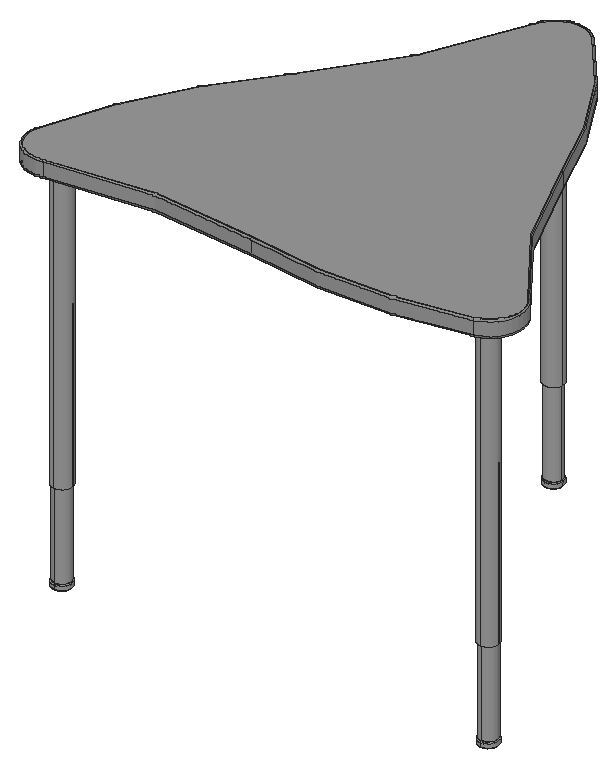
Revit family "Creator Triangle Desk", category Generic Models, Revit 2018
Family settings
  Can host rebar = No
  Round Connector Dimension = Use Diameter
  Part Type = Normal
  Work Plane-Based = No
  Always vertical = Yes
  Cut with Voids When Loaded = No
  Shared = No
  Room Calculation Point = No
Parameters
  Surface = Creator Triangle Desk Surface
  Leg Finish = Shapes Leg Platinum
  Edgeband = Creator Triangle Desk Edgeband
  Desk Height = 2' - 5"
  Caster / Glide = Shapes Leg - Glide : Shapes Leg - Glide
Reference planes (in)
  plane 1 "Center (Front/Back)": y = 0
  plane 2: z = 0
  plane 3 "Center (Left/Right)": x = 0
  plane 4: z = 29
Dimensions and locks (in)
  "Desk Height": plane 4 to level
  aligned and locked: plane 2 to level
  aligned and locked: nested 4 to plane 4
Nested families (in)
  nested 1: "Shapes Leg - Glide" at (-16.07651, -13.76106, 0) x (0, 1, 0) z (0, 0, 1), Shapes Leg Finish <- "Leg Finish", Leg Height <- "Desk Height", type <- "Caster / Glide", type "Shapes Leg - Glide"
    with Shapes Leg Finish Shapes Leg Platinum, Leg Height 2' - 5"
  nested 2: "Shapes Leg - Glide" at (15.66661, -12.84393, 0) x (0, 1, 0) z (0, 0, 1), Shapes Leg Finish <- "Leg Finish", Leg Height <- "Desk Height", type <- "Caster / Glide", type "Shapes Leg - Glide"
    with Shapes Leg Finish Shapes Leg Platinum, Leg Height 2' - 5"
  nested 3: "Shapes Leg - Glide" at (-1, 14.17161, 0), Shapes Leg Finish <- "Leg Finish", Leg Height <- "Desk Height", type "Shapes Leg - Glide"
    with Shapes Leg Finish Shapes Leg Platinum, Leg Height 2' - 5"
  nested 4: "Creator Triangle Desk Tabletop" at (0.04688, -4.75192, 15.97788), type "Creator Triangle Desk Tabletop"
Definition of nested family "Shapes Leg - Glide"
  Parameters (values of type "Shapes Leg - Glide")
    Shapes Leg Finish [instance] = none
    Leg Height [instance] = 2' - 4 1/2"
  Reference planes (in)
    plane 1 "Center (Front/Back)": y = 0
    plane 2: z = 0
    plane 3 "Center (Left/Right)": x = 0
  Forms (in)
    Extrusion 1, solid
      sketch origin (-0.01562, 0, 0) x (1, 0, 0) y (0, 1, 0)
        loop
          circle (0.01563, 0) r 0.64906
      from 0.50586 to 20.17439
  Dimensions and locks (in)
    "Leg Height": nested 2 to level
    aligned and locked: plane 2 to level
  Automatic sketch dimensions
    plane 1 "Center (Front/Back)" to Extrusion 1 sketch curve = 0' - 0"
    Extrusion 1 sketch curve to plane 3 "Center (Left/Right)" = 0' - 0"
    radius of Extrusion 1 sketch curve = 0' - 0.64906"
  Nested families (in)
    nested 1: "Glider" at (0, 0, 0), type "Glider"
    nested 2: "Shapes Upper Leg" at (0, 0, 0), Shapes Leg Finish <- "Shapes Leg Finish", type "Shapes Upper Leg"
      with Shapes Leg Finish none
  Definition of nested family "Glider"
    Reference planes (in)
      plane 1 "Center (Front/Back)": y = 0
      plane 2: z = 0
      plane 3 "Center (Left/Right)": x = 0
    Forms (in)
      Revolve 1, solid
        sketch origin (0, 0, 0) x (1, 0, 0) y (0, 0, 1)
          loop
            line (0.26614, 0.50586) -> (0, 0.50586) -> (0, 0.09994) -> (0.71656, 0.09994) -> (0.71656, 0.37634)
            arc (0.71656, 0.37634) -> (0.70181, 0.41548) -> (0.66511, 0.43552) r 0.06011
            arc (0.66511, 0.43552) -> (0.46609, 0.45951) -> (0.26614, 0.47365) r 4.06535
            line (0.26614, 0.47365) -> (0.26614, 0.50586)
          axis (0, 0.50586) -> (0, 0.09994)
        angle from 0 to 360
      Revolve 2, solid
        sketch origin (0, 0, 0) x (1, 0, 0) y (0, 0, 1)
          loop
            line (0.65534, 0.1212) -> (0, 0.1212) -> (0, 0) -> (0.57593, 0)
            arc (0.57593, 0) -> (0.63208, 0.02326) -> (0.65534, 0.07941) r 0.07941
            line (0.65534, 0.07941) -> (0.65534, 0.1212)
          axis (0, 0.1212) -> (0, 0)
        angle from 0 to 360
    Dimensions and locks (in)
      aligned and locked: plane 2 to level
  Definition of nested family "Shapes Upper Leg"
    Parameters (values of type "Shapes Upper Leg")
      Shapes Leg Finish [instance] = none
    Reference planes (in)
      plane 1 "Center (Front/Back)": y = 0
      plane 2: z = 0
      plane 3 "Center (Left/Right)": x = 0
    Forms (in)
      Extrusion 1, solid, material <- "Shapes Leg Finish"
        sketch origin (0, 0, 0) x (1, 0, 0) y (0, 1, 0)
          loop
            circle (0, 0) r 0.75
        from 6.5 to 28.5
    Dimensions and locks (in)
      aligned and locked: plane 2 to level
Definition of nested family "Creator Triangle Desk Tabletop"
  Parameters (values of type "Creator Triangle Desk Tabletop")
    Surface = none
    Edgeband = none
  Reference planes (in)
    plane 1 "Center (Front/Back)": y = 0
    plane 2: z = 0
    plane 3 "Center (Left/Right)": x = 0
  Forms (in)
    Extrusion 1, solid, material <- "Surface"
      sketch origin (0, 0, 0) x (1, 0, 0) y (0, 1, 0)
        loop
          arc (0.49793, 20.64445) -> (-1.62997, 21.25192) -> (-3.23948, 19.73323) r 2.23764
          arc (-3.23948, 19.73323) -> (-6.27486, 12.50268) -> (-10.68964, 6.02163) r 39.17158
          arc (-10.68964, 6.02163) -> (-15.30181, -0.83979) -> (-18.36031, -8.52072) r 38.91212
          arc (-18.36031, -8.52072) -> (-17.82317, -10.66793) -> (-15.70247, -11.30166) r 2.23648
          arc (-15.70247, -11.30166) -> (-7.92295, -10.31182) -> (-0.10265, -10.89815) r 39.0058
          arc (-0.10265, -10.89815) -> (8.14576, -11.46539) -> (16.3268, -10.27009) r 38.75551
          arc (16.3268, -10.27009) -> (17.91698, -8.73073) -> (17.40639, -6.57722) r 2.23801
          arc (17.40639, -6.57722) -> (12.66225, -0.33343) -> (9.25675, 6.73016) r 39.1738
          arc (9.25675, 6.73016) -> (5.62049, 14.15511) -> (0.49793, 20.64445) r 38.91895
      from 13.02212 to 14.27206
    Sweep 2, solid, material <- "Edgeband"
      path origin (0, 0, 0) x (1, 0, 0) y (0, 1, 0)
        loop
          arc (0.49793, 20.64445) -> (-1.62997, 21.25192) -> (-3.23948, 19.73323) r 2.23764
          arc (-3.23948, 19.73323) -> (-6.27486, 12.50268) -> (-10.68964, 6.02163) r 39.17158
          arc (-10.68964, 6.02163) -> (-15.30181, -0.83979) -> (-18.36031, -8.52072) r 38.91212
          arc (-18.36031, -8.52072) -> (-17.82317, -10.66793) -> (-15.70247, -11.30166) r 2.23648
          arc (-15.70247, -11.30166) -> (-7.92295, -10.31182) -> (-0.10265, -10.89815) r 39.0058
          arc (-0.10265, -10.89815) -> (8.14576, -11.46539) -> (16.3268, -10.27009) r 38.75551
          arc (16.3268, -10.27009) -> (17.91698, -8.73073) -> (17.40639, -6.57722) r 2.23801
          arc (17.40639, -6.57722) -> (12.66225, -0.33343) -> (9.25675, 6.73016) r 39.1738
          arc (9.25675, 6.73016) -> (5.62049, 14.15511) -> (0.49793, 20.64445) r 38.91895
      profile origin (-1.62997, 21.25192, 0) x (0.236871, -0.971541, 0) y (0, 0, 1)
        loop
          line (0, 13.02218) -> (0, 14.27206)
          arc (0, 14.27206) -> (-0.08841, 14.23311) -> (-0.12472, 14.14358) r 0.12854
          line (-0.12472, 14.14358) -> (-0.12472, 13.15066)
          arc (-0.12472, 13.15066) -> (-0.08841, 13.06113) -> (0, 13.02218) r 0.12854
  Dimensions and locks (in)
    aligned and locked: plane 2 to level
